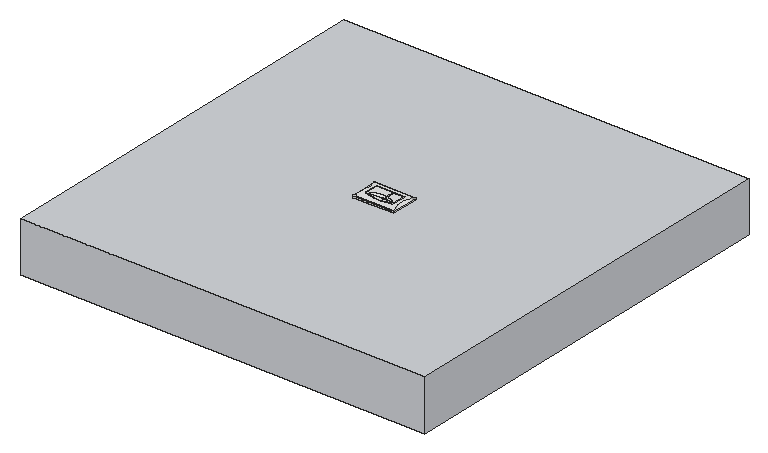
Revit family "POR_Solea_R0109_BIM_DE", category Plumbing Fixtures, host Face, Revit 2017
Family settings
  Host = Face
  Round Connector Dimension = Use Diameter
  Part Type = Normal
  OmniClass Number = 23.45.05.21.11.11
  OmniClass Title = Water Operated Water Closets
  Cut with Voids When Loaded = No
  Shared = Yes
  Room Calculation Point = No
Parameters (values of type "R0109AA - SOLEA M2 CHROME - IS")
  Wisselstukken = "n/a"
  Werkdruk = "n/a"
  WaterEfficientProduct = no
  WaarborgGarantieInstallatie = "n/a"
  WRAS = no
  WFU = 0
  Vorm = "n/a"
  Volumeunits = "Litres"
  Verwachtelevensduur = "5"
  Vervangingskosten = 0
  Versie = "1"
  ValutaEenheid = "n/a"
  Urlproducent = "https://www.idealstandard.de/de/products"
  UrinoirType = "n/a"
  Uniclass2015Referentie = "Pr_40_20_93_97"
  Uniclass2015Reference = "n/a"
  Uniclass2015Description = "WC cistern fittings"
  Uniclass2015Beschrijving = "n/a"
  Uniclass2 = "Pr_40_20_93_89"
  URL = "https://www.idealstandard.de/de/products"
  Typewastafel = "n/a"
  TypespoelingWC = "n/a"
  Typekraanwerk = "n/a"
  Typeconnectie = "n/a"
  Typebad = "n/a"
  TypeWC = "n/a"
  Type Comments = "n/a"
  Toepassing = ""
  Testdruk = "n/a"
  Telefoonnummer = "+49 (0) 6571 16 0"
  Sluitingspatroon = "n/a"
  Revision = "n/a"
  Revisie = "n/a"
  Referentie = ""
  Productinformatie = "https://www.idealstandard.de/profibereich"
  ProductSoort = ""
  Overloop = 0 mm
  OppervlakteEenheid = "mm"
  OppervlakteAfmeting = "n/a"
  Ophangingwastafel = "n/a"
  Normen = "n/a"
  Nettogewicht = 0.42
  NBSTypeID = "n/a"
  NBSReference = "45-30-70/387"
  NBSOfficeMasterTag = "n/a"
  NBSNote = "n/a"
  NBSDescription = "WC cistern fittings"
  NBSCertification = "n/a"
  Montageinstuctie = "https://www.idealstandard.de/profibereich"
  Model = "R0109AA"
  Merk = "Ideal Standard"
  MateriaalWC = "n/a"
  MateriaalUrinoir = "n/a"
  Materiaal = "Metal"
  Manufacturer = "Productinfo@thebluebook.co.uk"
  Lengte = 0 mm
  Kwaliteitsgraad = "n/a"
  Kleurwc = "n/a"
  KleurUrinoir = "n/a"
  Kleur = "Chrome"
  Klepmechanisme = "n/a"
  Keynote = "n/a"
  Installatieinstructies = "https://www.idealstandard.de/profibereich"
  Hulp = "https://www.idealstandard.de/unternehmen"
  Hoogte = ""
  Heefthandvaten = no
  HWFU = 0
  GrootteAfvoergat = 0
  GemaaktOp = "n/a"
  Garantieunits = "Year"
  Garantieonderdelen = "n/a"
  GarantieduurInstallatie = "n/a"
  Functiekraanwerk = "n/a"
  Functieindoucheruimte = "n/a"
  Flush_Plate_Material = Chrome-Polished
  Eigenschappen = "n/a"
  ECA = no
  Duurzaamheid = "n/a"
  DuurEenheid = "year"
  Douchebak = no
  Doorstromingscoëfficiënt = "n/a"
  Distributeur = "n/a"
  DikteMateriaal = "n/a"
  Diepte = 0 mm
  Description = "PRE WALL RIVER PLATE CHROME IS BRANDED"
  Default Elevation = 900 mm
  Debiet = ""
  Cost = 0
  CWFU = 0
  BrutoGewicht = 0
  Breedte = 0
  BimObjectNaam = "POR_Ideal Standard_WC cistern fittings_Solea_R0109AA"
  Bestanddelen = "n/a"
  Beschrijvinggarantie = "Manufacturers Warranty"
  Beschrijvingdouchekop = "n/a"
  BeschrijvingBovenkantKraan = "n/a"
  Bedieningkraanwerk = "n/a"
  Bedieningkraan = "n/a"
  Barrièrevrijwonen = "n/a"
  Barcode = "3391500579767"
  BREEAMApproved = no
  Auteur = "Ideal Standrad"
  Assembly Code = "C1030200"
  Artikelreferentie = "1"
  Artikelomschrijving = "Betätigungsplatte M2 SOLEA, mechanischen Auslösung, Weiß"
  Artikelnummer = "R0109AA"
  Afwerking = "Chrome"
  AfstandsEenheid = "millimeters"
  AfsluitNiveau = "n/a"
  Afmetingen = "245 x 165 x 19 mm"
  AccessibilityPerformance = "n/a"
  Accesoires = ""
Types (2, lengths in mm): name | Model | Kleur | Flush_Plate_Material | Description | Default Elevation | BimObjectNaam | Barcode | Artikelomschrijving | Artikelnummer | Afwerking
  R0109AA - SOLEA M2 CHROME - IS | "R0109AA" | "Chrome" | Chrome-Polished | "PRE WALL RIVER PLATE CHROME IS BRANDED" | 900 | "POR_Ideal Standard_WC cistern fittings_Solea_R0109AA" | "3391500579767" | "Betätigungsplatte M2 SOLEA, mechanischen Auslösung, Weiß" | "R0109AA" | "Chrome"
  R0109AC - SOLEA M2 WHITE - IS | "R0109AC" | "White" | Plactic-White | "PRE WALL RIVER PLATE WHITE IS BRANDED" | 0 | "POR_Ideal Standard_WC cistern fittings_Solea_R0109AC" | "3391500579774" | "Sensor-Betätigungsplatte NT1 ALTES, Weiß" | "R0109AC" | "White"
Reference planes
  plane 1 "Center (Front/Back)": y = 0
  plane 2: z = 0
  plane 3 "Center (Left/Right)": x = 0
  plane 4: y = 0
  plane 5: z = 0
Forms (mm)
  Extrusion 1, solid
    sketch origin (0, 0, 0) x (1, 0, 0) y (0, 1, 0)
      loop
        line (-1219.2, 1219.2) -> (-1219.2, -1219.2) -> (1219.2, -1219.2) -> (1219.2, 1219.2) -> (-1219.2, 1219.2)
    from 0 to -304.8
  Extrusion 2, solid, material "Chrome-Polished" <- "Flush_Plate_Material", detail levels coarse
    sketch origin (0, 0, 0) x (1, 0, 0) y (0, 1, 0)
      loop
        line (-123.178, 82.799) -> (-123.178, -82.573) -> (123.558, -82.573) -> (123.558, 82.799) -> (-123.178, 82.799)
    from 0 to 19.303
Dimensions and locks
  nested 1 to nested 1 = 245 mm
  nested 1 to nested 1 = 165.27 mm
  nested 1 to Extrusion 1 = 19.303 mm
  aligned and locked: plane 2 to Extrusion 1
  aligned and locked: level to Extrusion 1
Nested families
  nested 1: "P0098" at (0, 0, 0), Material <- "Flush_Plate_Material", type "P0098", detail levels medium+fine
    with Material Chrome-Polished
Definition of nested family "P0098"
  Parameters (values of type "P0098")
    Material [instance] = none
    Default Elevation = 1219.2 mm
  Reference planes
    plane 1 "Center (Front/Back)": y = 0
    plane 2: z = 0
    plane 3 "Center (Left/Right)": x = 0
  Forms (mm)
    Extrusion 1, solid
      sketch origin (0, 0, 0) x (1, 0, 0) y (0, 1, 0)
        loop
          line (-1219.2, 1219.2) -> (-1219.2, -1219.2) -> (1219.2, -1219.2) -> (1219.2, 1219.2) -> (-1219.2, 1219.2)
      from 0 to -304.8
    Extrusion 2, solid, material <- "Material", detail levels medium+fine
      sketch origin (6.185, -1205.445, 0) x (1, 0, 0) y (0, 1, 0)
        loop
          line (116.315, 1122.974) -> (116.315, 1288.244) -> (-128.685, 1288.244) -> (-128.685, 1122.974) -> (116.315, 1122.974)
      from 0 to 7.787
    Extrusion 3, solid, material <- "Material", detail levels medium+fine
      sketch origin (0, -1205.445, 0) x (0, 0, -1) y (0, 1, 0)
        loop
          arc (-7.787, 1287.951) -> (-10.766, 1286.308) -> (-12.711, 1283.517) r 7.496
          arc (-12.711, 1283.517) -> (-19.303, 1205.742) -> (-12.807, 1127.959) r 465.525
          arc (-12.807, 1127.959) -> (-11.337, 1124.41) -> (-7.787, 1122.939) r 5.02
          line (-7.787, 1122.939) -> (-7.787, 1287.951)
      from -136.329 to 136.329
    Extrusion 4, void
      sketch origin (6.185, -1205.445, 0) x (1, 0, 0) y (0, 1, 0)
        loop
          line (-87.056, 1167.604) -> (-75.69, 1164.693)
          arc (-75.69, 1164.693) -> (-1.608, 1157.076) -> (72.113, 1167.634) r 305.118
          arc (72.113, 1167.634) -> (76.041, 1171.377) -> (77.488, 1176.607) r 10.178
          line (77.488, 1176.607) -> (77.488, 1253.852) -> (-92.353, 1253.893) -> (-92.488, 1240.892) -> (-92.488, 1176.607)
          arc (-92.488, 1176.607) -> (-91.025, 1171.35) -> (-87.056, 1167.604) r 10.178
        loop
          line (-91.281, 1253.066) -> (-91.805, 1252.407) -> (-91.635, 1176.662)
          arc (-91.635, 1176.662) -> (-89.578, 1172.005) -> (-85.661, 1168.753) r 11.113
          arc (-85.661, 1168.753) -> (-37.474, 1159.669) -> (11.555, 1158.943) r 286.254
          arc (11.555, 1158.943) -> (11.956, 1159.301) -> (12.156, 1159.801) r 1.182
          line (12.156, 1159.801) -> (12.156, 1217.8) -> (12.09, 1252.568) -> (11.507, 1253.156) -> (-91.281, 1253.066)
        loop
          line (13.17, 1219.965) -> (13.17, 1159.965)
          arc (13.17, 1159.965) -> (13.533, 1159.311) -> (14.231, 1159.042) r 1.098
          arc (14.231, 1159.042) -> (42.141, 1162.575) -> (69.63, 1168.561) r 317.933
          arc (69.63, 1168.561) -> (74.017, 1172.093) -> (76.02, 1177.357) r 10.767
          line (76.02, 1177.357) -> (76.122, 1252.354)
          arc (76.122, 1252.354) -> (75.884, 1252.93) -> (75.308, 1253.168) r 0.814
          line (75.308, 1253.168) -> (14.046, 1253.158)
          arc (14.046, 1253.158) -> (13.483, 1252.925) -> (13.249, 1252.362) r 0.796
          line (13.249, 1252.362) -> (13.17, 1219.965)
      from 0 to 27.596
    Blend 5, void
      base sketch origin (6.185, -1205.445, 0) x (1, 0, 0) y (0, 1, 0)
        loop
          arc (70.362, 1175.9) -> (-7.914, 1201.562) -> (-86.179, 1175.867) r 132.126
          line (-86.179, 1175.867) -> (70.362, 1175.9)
      top sketch origin (6.185, -1205.445, 0) x (1, 0, 0) y (0, 1, 0)
        loop
          arc (-86.179, 1175.867) -> (-7.886, 1184.323) -> (70.406, 1175.867) r 366.671
          arc (70.406, 1175.867) -> (-7.886, 1192.228) -> (-86.179, 1175.867) r 195.506
      from 20.422 to 11
    Blend 6, void
      base sketch origin (-6.185, -1205.445, 0) x (-1, 0, 0) y (0, -1, 0)
        loop
          line (-142.513, -1287.951) -> (-128.685, -1287.951) -> (-128.685, -1122.939) -> (-142.513, -1122.939) -> (-142.513, -1287.951)
      top sketch origin (-6.185, -1205.445, 0) x (-1, 0, 0) y (0, -1, 0)
        loop
          arc (-133.531, -1295.216) -> (-109.725, -1205.135) -> (-134.134, -1115.216) r 180.05
          line (-134.134, -1115.216) -> (-148.685, -1115.216) -> (-148.685, -1295.216) -> (-133.531, -1295.216)
      from 7.787 to 20.422
    Blend 7, void
      base sketch origin (6.185, -1205.445, 0) x (1, 0, 0) y (0, 1, 0)
        loop
          line (-142.513, 1287.951) -> (-142.513, 1122.939) -> (-128.685, 1122.939) -> (-128.685, 1287.951) -> (-142.513, 1287.951)
      top sketch origin (6.185, -1205.445, 0) x (1, 0, 0) y (0, 1, 0)
        loop
          line (-133.531, 1295.216) -> (-148.685, 1295.216) -> (-148.685, 1115.216) -> (-134.134, 1115.216)
          arc (-134.134, 1115.216) -> (-109.725, 1205.135) -> (-133.531, 1295.216) r 180.05
      from 7.787 to 20.422
  Cuts and joins
    Extrusion 4, Blend 5, Blend 6, Blend 7 cuts Extrusion 3
  Dimensions and locks
    aligned and locked: plane 2 to Extrusion 1
    aligned and locked: level to Extrusion 1
